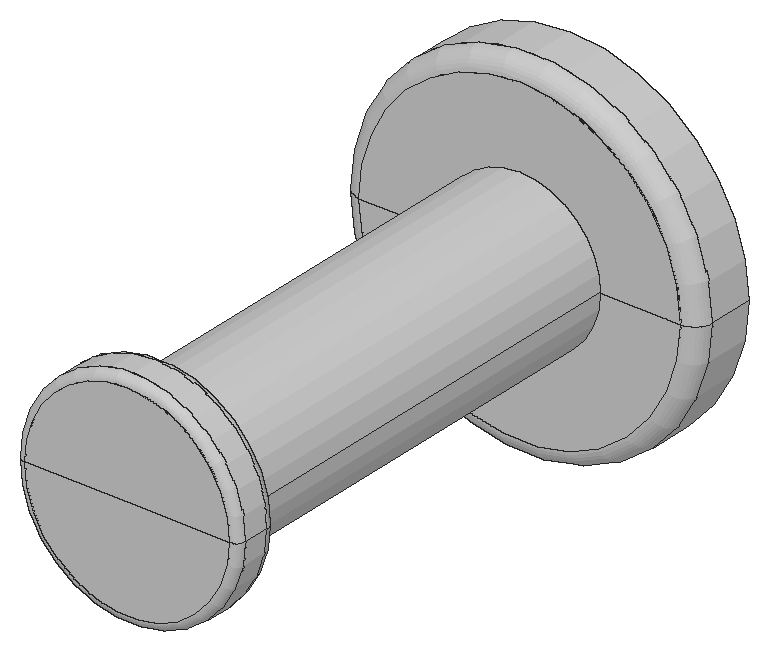
Revit family "Reece_Accessory_Mizu_Drift_Robe Hook", category Plumbing Fixtures, Revit 2018
Family settings
  Round Connector Dimension = Use Diameter
  Part Type = Normal
  Work Plane-Based = Yes
  Always vertical = Yes
  Cut with Voids When Loaded = Yes
  Shared = Yes
  Room Calculation Point = Yes
Parameters (values of type "Brushed Nickel")
  URL = "https://www.reece.com.au/product/-9508231"
  Type Comments = "Accessory"
  Reece_Product_Web Page = "https://www.reece.com.au/product/-9508231"
  Reece_Product_Type = "Accessory"  # constant formula
  Reece_Product_Sub Brand = "Drift"  # constant formula
  Reece_Product_Number = "9508231"
  Reece_Product_Mount = "Wall Mounted"  # constant formula
  Reece_Product_Description = "Mizu Drift Robe Hook Brushed Nickel"
  Reece_Product_Brand = "Mizu"  # constant formula
  Reece_Material_Main = Reece_Brass_Brushed Nickel
  Reece_Detail_Shape = ""
  Reece_Detail_Installation = ""
  Reece_Detail_Disclaimer = "THIS FILE IS THE PROPERTY OF THE REECE GROUP. IT MAY NOT BE REPRODUCED, REVERSE-ENGINEERED, OR MODIFIED. ANY REPUBLICATION, TRANSMISSION, OR DISTRIBUTION FOR THE PURPOSE OF COMMERCIALLY EXPLOITING THE FILES IS PROHIBITED."  # constant formula
  Reece_Detail_Connector = ""
  Reece_Detail_Additional = ""
  Reece_Backplate Radius = 20 mm  # constant formula
  Reece_Accessory_Projection = 62 mm  # constant formula
  Model = "Drift"
  Manufacturer = "Mizu"
  Keynote = "Product #9508231, Reece_Accessory_Mizu_Drift_Robe Hook - Brushed Nickel"
  Disclaimer = "THIS FILE IS THE PROPERTY OF THE REECE GROUP. IT MAY NOT BE REPRODUCED, REVERSE-ENGINEERED, OR MODIFIED. ANY REPUBLICATION, TRANSMISSION, OR DISTRIBUTION FOR THE PURPOSE OF COMMERCIALLY EXPLOITING THE FILES IS PROHIBITED."  # constant formula
  Description = "Mizu Drift Robe Hook Brushed Nickel"
  Default Elevation = 1000 mm
Types (5, lengths in mm): name | URL | Reece_Product_Web Page | Reece_Product_Number | Reece_Product_Description | Reece_Material_Main | Keynote | Description
  Brushed Nickel | "https://www.reece.com.au/product/-9508231" | "https://www.reece.com.au/product/-9508231" | "9508231" | "Mizu Drift Robe Hook Brushed Nickel" | Reece_Brass_Brushed Nickel | "Product #9508231, Reece_Accessory_Mizu_Drift_Robe Hook - Brushed Nickel" | "Mizu Drift Robe Hook Brushed Nickel"
  Chrome | "https://www.reece.com.au/product/-2202021" | "https://www.reece.com.au/product/-2202021" | "2202021" | "Mizu Drift Robe Hook Chrome" | Reece_Brass_Chrome | "Product #2202021, Reece_Accessory_Mizu_Drift_Robe Hook - Chrome" | "Mizu Drift Robe Hook Chrome"
  Matte Black | "https://www.reece.com.au/product/-9506772" | "https://www.reece.com.au/product/-9506772" | "9506772" | "Mizu Drift Robe Hook Matte Black" | Reece_Brass_Matte Black | "Product #9506772, Reece_Accessory_Mizu_Drift_Robe Hook - Matte Black" | "Mizu Drift Robe Hook Matte Black"
  Brushed Gunmetal | "https://www.reece.com.au/product/-2217443" | "https://www.reece.com.au/product/-2217443" | "2217443" | "Mizu Drift Robe Hook Brushed Gunmetal" | Reece_Brass_Brushed Gunmetal | "Product #2217443, Reece_Accessory_Mizu_Drift_Robe Hook - Brushed Gunmetal" | "Mizu Drift Robe Hook Brushed Gunmetal"
  Brushed Brass | "https://www.reece.com.au/product/-9512443" | "https://www.reece.com.au/product/-9512443" | "9512443" | "Mizu Drift Robe Hook Brushed Brass" | Reece_Brass_Brushed | "Product #9512443, Reece_Accessory_Mizu_Drift_Robe Hook - Brushed Brass" | "Mizu Drift Robe Hook Brushed Brass"
Reference planes
  plane 1 "Center (Front/Back)": y = 0
  plane 2 "Bottom Host Plane": z = 0
  plane 3 "Center (Left/Right)": x = 0
Forms (mm)
  Revolve 1, solid, material "Reece_Brass_Brushed Nickel" <- "Reece_Material_Main"
    sketch origin (-497.5, 0, 0) x (-1, 0, 0) y (0, -1, 0)
      loop
        line (-497.5, 0) -> (-477.5, 0) -> (-477.5, 5)
        arc (-477.5, 5) -> (-478.086, 6.414) -> (-479.5, 7) r 2
        line (-479.5, 7) -> (-488.5, 7) -> (-488.5, 57) -> (-486, 57)
        arc (-486, 57) -> (-485.293, 57.293) -> (-485, 58) r 1
        line (-485, 58) -> (-485, 61)
        arc (-485, 61) -> (-485.293, 61.707) -> (-486, 62) r 1
        line (-486, 62) -> (-497.5, 62) -> (-497.5, 0)
      axis (-497.5, 0) -> (-497.5, 62)
    angle from 0 to 360
Text (mm)
  text "Reece ©" at (2726.345, -2609.327, 2681.14), in view "Reece Preview"
  text "Reece ©" at (480.382, -277.313, -1020.679), in view "Ref. Level"
Dimensions and locks
  "Reece_Backplate Radius": Revolve 1 sketch curve to Revolve 1 sketch curve
  aligned and locked: Revolve 1 sketch curve to Revolve 1 sketch curve
Automatic sketch dimensions
  plane 1 "Center (Front/Back)" to Revolve 1 sketch curve = 0 mm  (x2)
  Revolve 1 sketch curve to plane 3 "Center (Left/Right)" = 0 mm
  Revolve 1 sketch curve to plane 3 "Center (Left/Right)" = 9 mm
  Revolve 1 sketch curve to Revolve 1 sketch curve = 2.5 mm  (x2)
  Revolve 1 sketch curve to Revolve 1 sketch curve = 1 mm
  Revolve 1 sketch curve to Revolve 1 sketch curve = 2 mm
  Revolve 1 sketch curve to Revolve 1 sketch curve = 5 mm
  Revolve 1 sketch curve to Revolve 1 sketch curve = 50 mm
  Revolve 1 sketch curve to Revolve 1 sketch curve = 3 mm
  Revolve 1 sketch curve to Revolve 1 sketch curve = 90 mm
